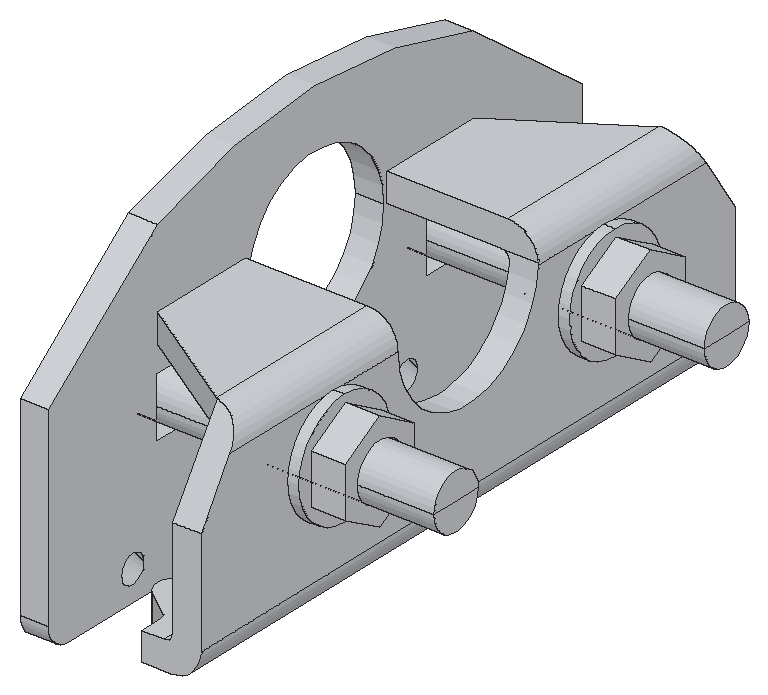
Revit family "Construction_Roof-Accessories_TRA-Snow-Sun_C21Z-clamp-On", category Specialty Equipment, host Face, Revit 2026
Family settings
  Host = Face
  Round Connector Dimension = Use Diameter
  Part Type = Normal
  Classification Number = 23.35.20.31.27.14
  Enable Cutting in Views = No
  Cut with Voids When Loaded = No
  Maintain Annotation Orientation = No
  Shared = No
  Room Calculation Point = No
Parameters (values of type "C21Z Clamp-on")
  z_One [instance] = not(z_Array)  # yes
  z_Number of Сlamps Real [instance] = rounddown(z_Length / z_Horizontal Spacing + 1)  # 1
  z_Number of Сlamps [instance] = if(z_Length / z_Horizontal Spacing + 1 < 2, 2, rounddown(z_Length / z_Horizontal Spacing + 1))  # 2
  z_Length [instance] = if(Overall Length < 0.00", 0.00", Overall Length)  # 0.00"
  z_Horizontal Spacing [instance] = if(Horizontal Spacing < 2.50", 2.50", Horizontal Spacing)  # 2.50"
  z_Array [instance] = if(z_Number of Сlamps Real < 2, 1 = 2, 1 = 1)  # no
  Width Min [instance] = 1.19"  # constant formula
  Width Max [instance] = 1.65"  # constant formula
  Width [instance] = if(Desired Width < Width Min, Width Min, if(Desired Width > Width Max, Width Max, Desired Width))  # 1.19"
  Desired Width [instance] = 1.19"
  Weight = 1.35 lbf  # constant formula
  Version = 1
  URL = "https://trasnowandsun.com/"
  Rib Height Min [instance] = 1.46"  # constant formula
  Rib Height Max [instance] = Height - 0.75"  # 1.63"
  Rib Height [instance] = if(Desired Rib Height < Rib Height Min, Rib Height Min, if(Desired Rib Height > Rib Height Max, Rib Height Max, Desired Rib Height))  # 1.46"
  Desired Rib Height [instance] = 1.46"
  Product data url = "https://bimobject.com/tra-snow-and-sun/product/C21Z-clamp-on"
  Product Page URL = "https://trasnowandsun.com/product/c21z-clamp-on/"
  Product Documentation Link = "https://trasnowandsun.com/wp-content/uploads/C21Z_Clamp-on_PDS.pdf"
  Overall Length Note [instance] = "To show a single Bracket in the Row, please set Overall Length less than Horizontal Spacing"  # constant formula
  Overall Length [instance] = 0.00"
  Number of Сlamps [instance] = if(Overall Length < Horizontal Spacing, 1, if(and(z_Length > z_Horizontal Spacing, z_Length < z_Horizontal Spacing * 2), 2, z_Number of Сlamps))  # 2
  Model = "C21Z Clamp-on"
  Material Type Selection [instance] = 1
  Material Type [instance] = if(or(Material Type Selection < 1, Material Type Selection > 3), "Please Select integer between 1-3", if(Material Type Selection = 1, "Zinc Coated Steel: 3/16” (ASTM A36)", if(Material Type Selection = 2, "Copper: 1/4” (ASTM B152)", if(Material Type Selection = 3, "Stainless Steel: 8ga. (ASTM A240)", "Zinc Coated Steel: 3/16” (ASTM A36)"))))  # "Zinc Coated Steel: 3/16” (ASTM A36)"
  Material Note [instance] = "Pure metal as well as powder color coatings are available. When you choose Pure Metal as a finish, please make sure you match the selected material under the Material Type Selection parameter."  # constant formula
  Manufacturer = "TRA Snow & Sun"
  Length = 4.38"  # constant formula
  Horizontal Spacing [instance] = 0.00"
  Height Min [instance] = 2.38"  # constant formula
  Height Max [instance] = 3.38"  # constant formula
  Height [instance] = if(Desired Height < Height Min, Height Min, if(Desired Height > Height Max, Height Max, Desired Height))  # 2.38"
  Desired Height [instance] = 2.38"
  Finish Material [instance] = TRA Snow & Sun - Finish - Zinc Plated Steel
  Description = "C21Z Clamp-on - Used on: Designed for new construction or retrofit standing seam metal roofs"  # constant formula
  Default Elevation = 48.00"
  Date Updated = ""
  Date Created = "2024/05/17"
Reference planes (in)
  plane 1 "Center (Front/Back)": y = 0
  plane 2: z = 0
  plane 3 "Center (Left/Right)": x = 0
  plane 4: x = 0
  plane 5: x = 2.5
Dimensions and locks (in)
  "Overall Length": plane 3 "Center (Left/Right)" to plane 4
  "z_Horizontal Spacing": plane 3 "Center (Left/Right)" to plane 5
  group 1 to group 2 = 2.50"
  group 1 to group 2 = 0.00"  (x2)
  aligned and locked: plane 2 to host face
  aligned and locked: level to host face
  aligned and locked: plane 3 "Center (Left/Right)" to nested 1
  aligned and locked: plane 1 "Center (Front/Back)" to nested 1
  aligned and locked: plane 5 to nested 2
  aligned and locked: plane 1 "Center (Front/Back)" to nested 2
  aligned and locked: plane 3 "Center (Left/Right)" to nested 3
Automatic sketch dimensions
  host sketch curve to host sketch curve = 62.6937"
  host sketch curve to host sketch curve = 44.37053"
Nested families (in)
  nested 1: "C21Z Clamp-on" at (0, 0, 0), visible <- "z_Array", Height <- "Height", Rib Height <- "Rib Height", Width <- "Width", type "C21Z Clamp-on"
    with Width 1.19", Rib Height 1.46", RB for Void 0.20", Offset 0.10", Height 2.38", Bolt no
  nested 2: "C21Z Clamp-on" at (2.5, 0, 0), visible <- "z_Array", Height <- "Height", Rib Height <- "Rib Height", Width <- "Width", type "C21Z Clamp-on"
    with Width 1.19", Rib Height 1.46", RB for Void 0.20", Offset 0.10", Height 2.38", Bolt no
  nested 3: "C21Z Clamp-on" at (0, 0, 0), visible <- "z_One", Height <- "Height", Rib Height <- "Rib Height", Width <- "Width", type "C21Z Clamp-on"
    with Width 1.19", Rib Height 1.46", RB for Void 0.20", Offset 0.10", Height 2.38", Bolt no
Definition of nested family "C21Z Clamp-on"
  Parameters (values of type "C21Z Clamp-on")
    Width [instance] = 1.19"
    Rib Height [instance] = 1.45"
    RB for Void [instance] = 0.20"  # constant formula
    Offset [instance] = if(Width > 1.19", 0.00", 0.10")  # 0.10"
    Length = 4.38"
    Height [instance] = 2.38"
    Finish Material = none
    Default Elevation = 48.00"
    Bolt [instance] = if(Width > 1.19", 1 = 1, 1 = 2)  # no
  Reference planes (in)
    plane 1 "Center (Front/Back)": y = 0
    plane 2: z = 0
    plane 3 "Center (Left/Right)": x = 0
    plane 4: x = -0.595
    plane 5: x = 0.595
    plane 6: y = 2.19
    plane 7: y = -2.19
    plane 8: z = 0.19213
    plane 9: z = 1.06394
    plane 10: z = 2.38
    plane 11: x = -0.408
    plane 12: x = 0.408
    plane 13: z = 1.06394
    plane 14: z = 0.2
    plane 15: z = 0.35
    plane 16: y = 0.75
    plane 17: y = 1.5
    plane 18: y = -0.75
    plane 19: y = -1.5
  Forms (in)
    Extrusion 1, solid
      sketch origin (0, 0, 0) x (1, 0, 0) y (0, 1, 0)
        loop
          line (-48, 48) -> (-48, -48) -> (48, -48) -> (48, 48) -> (-48, 48)
      from 0 to -12
    Extrusion 2, solid, material <- "Finish Material", detail levels medium+fine
      sketch origin (-0.595, 25.92102, 48) x (0, 1, 0) y (0, 0, 1)
        loop
          arc (-23.89102, -48) -> (-23.77788, -47.95314) -> (-23.73102, -47.84) r 0.16
          line (-23.73102, -47.84) -> (-23.73102, -46.56097) -> (-24.62636, -45.86146)
          arc (-24.62636, -45.86146) -> (-25.92102, -45.6163) -> (-27.21568, -45.86146) r 3.54111
          line (-27.21568, -45.86146) -> (-28.11102, -46.56097) -> (-28.11102, -47.83755)
          arc (-28.11102, -47.83755) -> (-28.06344, -47.95242) -> (-27.94857, -48) r 0.16245
          line (-27.94857, -48) -> (-23.89102, -48)
        loop
          circle (-25.92102, -46.55848) r 0.565
        loop
          line (-26.83167, -46.7373) -> (-27.22857, -46.7373) -> (-27.22857, -47.1373) -> (-26.83167, -47.1373) -> (-26.83167, -46.7373)
        loop
          line (-25.01191, -46.7373) -> (-25.01191, -47.1373) -> (-24.61347, -47.1373) -> (-24.61347, -46.7373) -> (-25.01191, -46.7373)
      from 0 to 0.187
    Extrusion 3, solid, material <- "Finish Material", detail levels medium+fine
      sketch origin (0.595, 0, 0) x (0, 0, 1) y (-1, 0, 0)
        loop
          line (0.17919, 1.003) -> (0.17919, 0.2)
          arc (0.17919, 0.2) -> (0.23777, 0.05858) -> (0.37919, 0) r 0.2
          line (0.37919, 0) -> (1.42919, 0)
          arc (1.42919, 0) -> (1.57061, 0.05858) -> (1.62919, 0.2) r 0.2
          line (1.62919, 0.2) -> (1.62919, 1.003) -> (1.44219, 1.003) -> (1.44219, 0.247)
          arc (1.44219, 0.247) -> (1.42461, 0.20457) -> (1.38219, 0.187) r 0.06
          line (1.38219, 0.187) -> (0.42354, 0.187)
          arc (0.42354, 0.187) -> (0.38298, 0.2038) -> (0.36619, 0.24435) r 0.05735
          line (0.36619, 0.24435) -> (0.36619, 1.003) -> (0.17919, 1.003)
      from -2.19 to 2.19
    Extrusion 4, void
      sketch origin (0.395, 0, 1.62919) x (0, -1, 0) y (-1, 0, 0)
        loop
          line (-2.19, 0.18974) -> (-2.03602, 0.18974)
          arc (-2.03602, 0.18974) -> (-2.00855, 0.1961) -> (-1.98667, 0.21389) r 0.0625
          line (-1.98667, 0.21389) -> (-1.8487, 0.39144)
          arc (-1.8487, 0.39144) -> (-1.75, 0.43974) -> (-1.6513, 0.39144) r 0.125
          line (-1.6513, 0.39144) -> (-1.51333, 0.21389)
          arc (-1.51333, 0.21389) -> (-1.49145, 0.1961) -> (-1.46398, 0.18974) r 0.0625
          line (-1.46398, 0.18974) -> (-0.78602, 0.18974)
          arc (-0.78602, 0.18974) -> (-0.75855, 0.1961) -> (-0.73667, 0.21389) r 0.0625
          line (-0.73667, 0.21389) -> (-0.5987, 0.39144)
          arc (-0.5987, 0.39144) -> (-0.5, 0.43974) -> (-0.4013, 0.39144) r 0.125
          line (-0.4013, 0.39144) -> (-0.26333, 0.21389)
          arc (-0.26333, 0.21389) -> (-0.24145, 0.1961) -> (-0.21398, 0.18974) r 0.0625
          line (-0.21398, 0.18974) -> (0.21398, 0.18974)
          arc (0.21398, 0.18974) -> (0.24145, 0.1961) -> (0.26333, 0.21389) r 0.0625
          line (0.26333, 0.21389) -> (0.4013, 0.39144)
          arc (0.4013, 0.39144) -> (0.5, 0.43974) -> (0.5987, 0.39144) r 0.125
          line (0.5987, 0.39144) -> (0.73667, 0.21389)
          arc (0.73667, 0.21389) -> (0.75855, 0.1961) -> (0.78602, 0.18974) r 0.0625
          line (0.78602, 0.18974) -> (1.46398, 0.18974)
          arc (1.46398, 0.18974) -> (1.49145, 0.1961) -> (1.51333, 0.21389) r 0.0625
          line (1.51333, 0.21389) -> (1.6513, 0.39144)
          arc (1.6513, 0.39144) -> (1.75, 0.43974) -> (1.8487, 0.39144) r 0.125
          line (1.8487, 0.39144) -> (1.98667, 0.21389)
          arc (1.98667, 0.21389) -> (2.00855, 0.1961) -> (2.03602, 0.18974) r 0.0625
          line (2.03602, 0.18974) -> (2.19, 0.18974) -> (2.19, 0.803) -> (-2.19, 0.803) -> (-2.19, 0.18974)
      from 0.96472 to 12
    Extrusion 5, void
      sketch origin (0.595, 0, 0.37919) x (0, 0, -1) y (0, -1, 0)
        loop
          arc (-1.06233, -0.58) -> (-0.48233, 0) -> (-1.06233, 0.58) r 0.58
          line (-1.06233, 0.58) -> (-1.31233, 0.58) -> (-1.31233, -0.58) -> (-1.06233, -0.58)
        loop
          line (-0.68425, -2.19) -> (-1.31233, -1.78212) -> (-1.31233, -2.19) -> (-0.68425, -2.19)
        loop
          line (-0.68425, 2.19) -> (-1.31233, 2.19) -> (-1.31233, 1.78212) -> (-0.68425, 2.19)
        loop
          circle (-0.68475, -1.11134) r 0.1875
        loop
          circle (-0.68475, 1.11134) r 0.1875
      from -1 to 1.003
    Extrusion 6, void
      sketch origin (0.395, 0, 1.62919) x (0, -1, 0) y (-1, 0, 0)
        loop
          line (1.29884, 0.803) -> (1.82287, -0.013) -> (2.19, -0.013) -> (2.19, 0.803) -> (1.29884, 0.803)
        loop
          line (-1.29884, 0.803) -> (-2.19, 0.803) -> (-2.19, -0.013) -> (-1.82287, -0.013) -> (-1.29884, 0.803)
      from -0.15567 to 0.4
    Revolve 7, solid, material <- "Finish Material", detail levels fine
      sketch origin (-0.595, -180, 1.06394) x (0, -1, 0) y (1, 0, 0)
        loop
          line (-181.11134, 2) -> (-181.29134, 2) -> (-181.29134, 0) -> (-181.48634, 0) -> (-181.48634, -0.03119)
          arc (-181.48634, -0.03119) -> (-181.31708, -0.15367) -> (-181.11134, -0.19) r 0.46652
          line (-181.11134, -0.19) -> (-181.11134, 2)
        axis (-181.11134, 2) -> (-181.11134, -0.19)
      angle from 0 to 360
    Revolve 8, solid, material <- "Finish Material", detail levels fine
      sketch origin (-0.595, 180, 1.06394) x (0, -1, 0) y (1, 0, 0)
        loop
          line (181.11134, 2) -> (181.11134, -0.19)
          arc (181.11134, -0.19) -> (181.31708, -0.15367) -> (181.48634, -0.03119) r 0.46652
          line (181.48634, -0.03119) -> (181.48634, 0) -> (181.29134, 0) -> (181.29134, 2) -> (181.11134, 2)
        axis (181.11134, 2) -> (181.11134, -0.19)
      angle from 0 to 360
    Extrusion 9, solid, material <- "Finish Material", detail levels fine
      sketch origin (0.595, 0, 0) x (0, 0, 1) y (0, -1, 0)
        loop
          circle (1.06394, -1.11134) r 0.375
        loop
          circle (1.06394, 1.11134) r 0.375
        loop
          circle (1.06394, -1.11134) r 0.1875
        loop
          circle (1.06394, 1.11134) r 0.1875
      from 0 to 0.08
    Extrusion 10, solid, material <- "Finish Material", detail levels fine
      sketch origin (0.675, 0, 0) x (0, 0, 1) y (0, -1, 0)
        loop
          line (1.22752, -0.828) -> (0.90035, -0.828) -> (0.73677, -1.11134) -> (0.90035, -1.39467) -> (1.22752, -1.39467) -> (1.3911, -1.11134) -> (1.22752, -0.828)
        loop
          line (1.22752, 0.828) -> (1.3911, 1.11134) -> (1.22752, 1.39467) -> (0.90035, 1.39467) -> (0.73677, 1.11134) -> (0.90035, 0.828) -> (1.22752, 0.828)
        loop
          circle (1.06394, -1.11134) r 0.1875
        loop
          circle (1.06394, 1.11134) r 0.1875
      from 0 to 0.23
    Extrusion 11, solid, material <- "Finish Material", detail levels coarse
      sketch origin (-0.595, 25.92102, 48) x (0, 1, 0) y (0, 0, 1)
        loop
          line (-23.73102, -45.62) -> (-28.11102, -45.62) -> (-28.11102, -48) -> (-23.73102, -48) -> (-23.73102, -45.62)
      from 0 to 0.187
    Extrusion 12, solid, material <- "Finish Material", detail levels coarse
      sketch origin (0.595, 0, 0) x (0, 0, 1) y (-1, 0, 0)
        loop
          line (1.62919, 0) -> (1.62919, 1.003) -> (1.44219, 1.003) -> (1.44219, 0.187) -> (0.36619, 0.187) -> (0.36619, 1.003) -> (0.17919, 1.003) -> (0.17919, 0) -> (1.62919, 0)
      from -2.19 to 2.19
    Blend 13, void
      base sketch origin (-0.595, 25.92102, 48) x (0, 1, 0) y (0, 0, 1)
        loop
          circle (-25.92102, -47.8) r 0.095
      top sketch origin (-0.595, 25.92102, 48) x (0, 1, 0) y (0, 0, 1)
        loop
          circle (-25.92102, -47.8) r 0.187
      from 0.187 to 0
    Blend 14, void
      base sketch origin (-0.595, 27.02427, 48.15) x (0, 1, 0) y (0, 0, 1)
        loop
          circle (-26.27427, -47.8) r 0.095
      top sketch origin (-0.595, 27.02427, 48.15) x (0, 1, 0) y (0, 0, 1)
        loop
          circle (-26.27427, -47.8) r 0.187
      from 0.187 to 0
    Blend 15, void
      base sketch origin (-0.595, -24.42102, 48) x (0, -1, 0) y (0, 0, -1)
        loop
          circle (-25.92102, 47.8) r 0.095
      top sketch origin (-0.595, -24.42102, 48) x (0, -1, 0) y (0, 0, -1)
        loop
          circle (-25.92102, 47.8) r 0.187
      from 0.187 to 0
    Blend 16, void
      base sketch origin (-0.595, -27.02427, 48.15) x (0, -1, 0) y (0, 0, -1)
        loop
          circle (-26.27427, 47.8) r 0.095
      top sketch origin (-0.595, -27.02427, 48.15) x (0, -1, 0) y (0, 0, -1)
        loop
          circle (-26.27427, 47.8) r 0.187
      from 0.187 to 0
    Blend 17, void
      base sketch origin (-0.595, 24.42102, 48) x (0, 1, 0) y (0, 0, 1)
        loop
          circle (-25.92102, -47.8) r 0.095
      top sketch origin (-0.595, 24.42102, 48) x (0, 1, 0) y (0, 0, 1)
        loop
          circle (-25.92102, -47.8) r 0.187
      from 0.187 to 0
  Cuts and joins
    Extrusion 4, Extrusion 6, Blend 13, Blend 14, Blend 15, Blend 16, Blend 17 cuts Extrusion 2
    Extrusion 4, Extrusion 5, Extrusion 6, Blend 13 cuts Extrusion 3
    Blend 13, Blend 14, Blend 15, Blend 16, Blend 17 cuts Extrusion 12
  Lines and regions (in)
    Masking region 1
      outline origin (0.595, 0, 2.38) x (0, -1, 0) y (1, 0, 0)
        loop
          line (-2.19, -1.19) -> (2.19, -1.19) -> (2.19, -1.003) -> (-2.19, -1.003) -> (-2.19, -1.19)
    Masking region 2, detail levels coarse
      outline origin (0.595, 0, 2.38) x (0, -1, 0) y (1, 0, 0)
        loop
          line (-2.19, 0) -> (-2.19, -1.003) -> (2.19, -1.003) -> (2.19, 0) -> (-2.19, 0)
    Masking region 3, detail levels fine
      outline origin (0.595, 0, 2.38) x (0, -1, 0) y (1, 0, 0)
        loop
          line (-1.48634, -1.19) -> (-1.48634, -1.22119)
          arc (-1.48634, -1.22119) -> (-1.11134, -1.38367) -> (-0.73634, -1.22119) r 0.51399
          line (-0.73634, -1.22119) -> (-0.73634, -1.19) -> (-1.48634, -1.19)
        loop
          line (1.48634, -1.19) -> (0.73634, -1.19) -> (0.73634, -1.22119)
          arc (0.73634, -1.22119) -> (1.11134, -1.38203) -> (1.48634, -1.22119) r 0.51757
          line (1.48634, -1.22119) -> (1.48634, -1.19)
        loop
          line (0.73634, 0) -> (1.48634, 0) -> (1.48634, 0.08) -> (1.39467, 0.08) -> (1.39467, 0.31) -> (0.828, 0.31) -> (0.828, 0.08) -> (0.73634, 0.08) -> (0.73634, 0)
        loop
          line (-1.48634, 0) -> (-0.73634, 0) -> (-0.73634, 0.08) -> (-0.828, 0.08) -> (-0.828, 0.31) -> (-1.39467, 0.31) -> (-1.39467, 0.08) -> (-1.48634, 0.08) -> (-1.48634, 0)
    Masking region 4, detail levels fine
      outline origin (0.595, 0, 2.38) x (0, -1, 0) y (1, 0, 0)
        loop
          line (-1.29884, 0.31) -> (-0.93134, 0.31) -> (-0.93134, 0.81) -> (-1.29884, 0.81) -> (-1.29884, 0.31)
        loop
          line (0.92384, 0.31) -> (1.29134, 0.31) -> (1.29134, 0.81) -> (0.92384, 0.81) -> (0.92384, 0.31)
    Masking region 5, visible <- "Bolt", detail levels fine
      outline origin (0, 0, 0) x (1, 0, 0) y (0, 1, 0)
        loop
          line (-0.308, 1.29884) -> (-0.408, 1.29884) -> (-0.408, 0.93134) -> (-0.308, 0.93134) -> (-0.308, 1.29884)
        loop
          line (-0.408, -0.92384) -> (-0.408, -1.29134) -> (-0.308, -1.29134) -> (-0.308, -0.92384) -> (-0.408, -0.92384)
    Masking region 6, detail levels medium+fine
      outline origin (0.395, 0, 1.62919) x (-1, 0, 0) y (0, -1, 0)
        loop
          line (-0.2, -2.19) -> (0.18974, -2.19) -> (0.18974, -2.03602)
          arc (0.18974, -2.03602) -> (0.1961, -2.00855) -> (0.21389, -1.98667) r 0.0625
          line (0.21389, -1.98667) -> (0.39144, -1.8487)
          arc (0.39144, -1.8487) -> (0.43974, -1.75) -> (0.39144, -1.6513) r 0.125
          line (0.39144, -1.6513) -> (0.32932, -1.60303) -> (0.803, -1.29884) -> (0.803, -0.58) -> (0.41078, -0.58)
          arc (0.41078, -0.58) -> (0.43901, -0.48654) -> (0.39144, -0.4013) r 0.125
          line (0.39144, -0.4013) -> (0.21389, -0.26333)
          arc (0.21389, -0.26333) -> (0.1961, -0.24145) -> (0.18974, -0.21398) r 0.0625
          line (0.18974, -0.21398) -> (0.18974, 0.21398)
          arc (0.18974, 0.21398) -> (0.1961, 0.24145) -> (0.21389, 0.26333) r 0.0625
          line (0.21389, 0.26333) -> (0.39144, 0.4013)
          arc (0.39144, 0.4013) -> (0.43901, 0.48654) -> (0.41078, 0.58) r 0.125
          line (0.41078, 0.58) -> (0.803, 0.58) -> (0.803, 1.29884) -> (0.32932, 1.60303) -> (0.39144, 1.6513)
          arc (0.39144, 1.6513) -> (0.43974, 1.75) -> (0.39144, 1.8487) r 0.125
          line (0.39144, 1.8487) -> (0.21389, 1.98667)
          arc (0.21389, 1.98667) -> (0.1961, 2.00855) -> (0.18974, 2.03602) r 0.0625
          line (0.18974, 2.03602) -> (0.18974, 2.19) -> (-0.2, 2.19) -> (-0.2, -2.19)
    reference lines
      curve 1: line (-0.595, 0, 0) -> (0.595, 0, 0)
      curve 2: line (0.595, 0, 0) -> (0.595, 0, 2.38)
    symbolic lines, detail levels medium+fine
      curve 3: line (-0.01578, -0.58, 2.38) -> (0.59462, -0.58, 2.38)
      curve 4: line (-0.01578, 0.58, 2.38) -> (0.59462, 0.58, 2.38)
      curve 5: line (0.595, -1.94296, 2.38) -> (-0.408, -1.29884, 2.38)
      curve 6: line (-0.408, 1.29884, 2.38) -> (0.595, 1.94296, 2.38)
    symbolic lines, detail levels fine
      curve 7: line (0.675, 0.73634, 2.38) -> (0.675, 1.48634, 2.38)
      curve 8: line (0.675, -1.48634, 2.38) -> (0.675, -0.73634, 2.38)
      curve 9: line (0.675, -1.11134, 2.38) -> (0.905, -1.11134, 2.38)
      curve 10: line (0.675, 1.11134, 2.38) -> (0.905, 1.11134, 2.38)
  Dimensions and locks (in)
    equal spacing: plane 4, plane 3 "Center (Left/Right)", plane 5
    equal spacing: plane 6, plane 1 "Center (Front/Back)", plane 7
    "Length": plane 6 to plane 7
    "Height": plane 10 to level
    plane 10 to Extrusion 2 sketch curve to Extrusion 2 sketch curve = 0.24146" locked, 0.69952" locked  (x2)
    locked: plane 10 to Extrusion 2 sketch curve at 0.93848
    plane 10 to plane 9 to plane 8 = 1.31606" locked, 0.8718" locked
    "Width": plane 4 to plane 5
    locked: plane 4 to plane 11 at 0.187
    plane 10 to Extrusion 3 sketch curve to Extrusion 3 sketch curve = 0.75081" locked, 0.187" locked
    locked: plane 12 to plane 5 at 0.187
    locked: plane 10 to Extrusion 5 sketch curve at 0.68848
    plane 10 to Extrusion 5 sketch curve to Extrusion 5 sketch curve = 0.93848" locked, 0.37758" locked
    locked: plane 10 to Extrusion 5 sketch curve at 1.31656  (x2)
    locked: plane 10 to plane 13 at 1.31606
    locked: Revolve 7 sketch curve to plane 4 at 0.19
    locked: plane 4 to Revolve 7 sketch curve at 2
    locked: Revolve 8 sketch curve to plane 4 at 0.19
    locked: plane 4 to Revolve 8 sketch curve at 2
    plane 10 to Extrusion 12 sketch curve to Extrusion 12 sketch curve = 0.75081" locked, 0.187" locked
    "Offset": Extrusion 12 to Masking region 5 sketch curve
    locked: Extrusion 3 sketch curve to Extrusion 3 sketch curve at 0.187
    "Rib Height": Extrusion 3 sketch curve to Extrusion 3 sketch curve
    Extrusion 2 sketch curve to plane 9 to Extrusion 2 sketch curve = 0.19876" locked, 0.20124" locked
    locked: Extrusion 2 sketch curve to level at 0.16
    locked: Extrusion 2 sketch curve to level at 0.16245
    locked: plane 15 to plane 14 at 0.15
    locked: plane 16 to plane 1 "Center (Front/Back)" at 0.75
    locked: plane 17 to plane 1 "Center (Front/Back)" at 1.5
    plane 1 "Center (Front/Back)" to plane 18 to plane 19 = 0.75" locked, 0.75" locked
    locked: Extrusion 12 sketch curve to Extrusion 12 sketch curve at 0.187
    "Rib Height": Extrusion 12 sketch curve to Extrusion 12 sketch curve
    "RB for Void": plane 14 to plane 2
    locked: Masking region 6 sketch curve to plane 5 at 0.52932  (x2)
    locked: plane 6 to Masking region 6 sketch curve at 0.58697
    locked: Masking region 6 sketch curve to plane 7 at 0.58697
    locked: Masking region 6 sketch curve to plane 5 at 0.51474  (x3)
    Masking region 6 sketch curve to plane 5 = 0.51474"
    aligned and locked: plane 2 to Extrusion 1
    aligned and locked: level to Extrusion 1
    aligned and locked: plane 4 to curve 1
    aligned and locked: plane 5 to curve 1
    aligned and locked: curve 1 to curve 2
    aligned and locked: plane 5 to curve 2
    aligned and locked: plane 11 to Extrusion 2
    aligned and locked: plane 6 to Extrusion 3
    aligned and locked: Extrusion 3 to plane 7
    aligned and locked: Extrusion 5 sketch curve to Extrusion 5 sketch curve  (x2)
    aligned and locked: plane 4 to Revolve 7 sketch curve
    aligned and locked: Revolve 8 sketch curve to plane 4
    aligned and locked: plane 13 to Extrusion 9 sketch curve  (x2)
    aligned and locked: plane 13 to Extrusion 10 sketch curve
    aligned and locked: Extrusion 11 sketch curve to plane 10
    aligned and locked: plane 11 to Extrusion 11
    aligned and locked: Extrusion 12 to plane 7
    aligned and locked: plane 6 to Extrusion 12
    aligned and locked: Masking region 1 sketch curve to Extrusion 11  (x4)
    aligned and locked: Masking region 2 sketch curve to Extrusion 12  (x4)
    aligned and locked: curve 5 to cut or joined group of Extrusion 3, Extrusion 4, Extrusion 5, Extrusion 6, Blend 13
    aligned and locked: curve 6 to cut or joined group of Extrusion 3, Extrusion 4, Extrusion 5, Extrusion 6, Blend 13
    aligned and locked: Extrusion 12 to curve 6
    aligned and locked: Extrusion 12 to curve 5
    aligned and locked: Masking region 3 sketch curve to Revolve 7
    aligned and locked: Masking region 3 sketch curve to Revolve 8
    aligned and locked: Extrusion 9 to Masking region 3 sketch curve  (x3)
    aligned and locked: Masking region 3 sketch curve to Extrusion 9
    aligned and locked: Masking region 3 sketch curve to Extrusion 10  (x5)
    aligned and locked: Extrusion 10 to Masking region 3 sketch curve
    aligned and locked: Extrusion 9 to curve 7
    aligned and locked: curve 8 to Extrusion 9
    aligned and locked: curve 9 to Extrusion 10
    aligned and locked: curve 10 to Extrusion 10
    aligned and locked: Masking region 5 sketch curve to plane 11
    aligned and locked: plane 11 to Masking region 5 sketch curve
    aligned and locked: Masking region 5 sketch curve to Masking region 5 sketch curve
    aligned and locked: Masking region 4 sketch curve to Revolve 7
    aligned and locked: Masking region 4 sketch curve to Revolve 8
    aligned and locked: Extrusion 2 sketch curve to Extrusion 2 sketch curve  (x2)
    aligned and locked: plane 14 to Blend 13 sketch curve  (x2)
    aligned and locked: plane 16 to Blend 14 sketch curve  (x2)
    aligned and locked: plane 15 to Blend 14 sketch curve  (x2)
    aligned and locked: plane 17 to Blend 15 sketch curve  (x2)
    aligned and locked: plane 14 to Blend 15 sketch curve  (x2)
    aligned and locked: plane 18 to Blend 16 sketch curve  (x2)
    aligned and locked: plane 15 to Blend 16 sketch curve  (x2)
    aligned and locked: plane 14 to Blend 17 sketch curve  (x2)
    aligned and locked: plane 19 to Blend 17 sketch curve  (x2)
    aligned and locked: Masking region 6 sketch curve to cut or joined group of Extrusion 3, Extrusion 4, Extrusion 5, Extrusion 6, Blend 13  (x4)
    aligned and locked: Masking region 6 sketch curve to cut or joined group of Extrusion 12, Blend 13, Blend 14, Blend 15, Blend 16, Blend 17
    aligned and locked: cut or joined group of Extrusion 3, Extrusion 4, Extrusion 5, Extrusion 6, Blend 13 to Masking region 6 sketch curve  (x2)
    aligned and locked: Masking region 6 to curve 4
    aligned and locked: curve 3 to Masking region 6
  Automatic sketch dimensions
    Extrusion 1 sketch curve to Extrusion 1 sketch curve = 96.00"  (x2)
    Extrusion 2 sketch curve to plane 7 = 0.00"
    Extrusion 2 sketch curve to level = 0.00"
    Extrusion 2 sketch curve to plane 1 "Center (Front/Back)" = 0.00"  (x2)
    Extrusion 2 sketch curve to plane 6 = 0.00"
    plane 19 to Extrusion 2 sketch curve = 0.19245"
    plane 19 to Extrusion 2 sketch curve = 0.20534"
    Extrusion 2 sketch curve to plane 18 = 0.16065"
    Extrusion 2 sketch curve to plane 16 = 0.15911"
    plane 17 to Extrusion 2 sketch curve = 0.19245"
    Extrusion 2 sketch curve to level = 1.15741"
    plane 1 "Center (Front/Back)" to curve 1 = 0.00"
    curve 2 to plane 10 = 0.00"
    Extrusion 3 to Extrusion 4 sketch curve = 0.00"
    Extrusion 4 sketch curve to Extrusion 3 = 0.00"  (x2)
    Extrusion 5 sketch curve to Extrusion 3 = 0.00"  (x2)
    Extrusion 3 to Extrusion 5 sketch curve = 0.36525"
    Extrusion 5 sketch curve to Extrusion 5 sketch curve = 0.40788"  (x2)
    Extrusion 5 sketch curve to Extrusion 5 sketch curve = 0.67078"
    Extrusion 5 sketch curve to Extrusion 5 sketch curve = 0.53134"  (x2)
    Extrusion 5 sketch curve to Extrusion 5 sketch curve = 0.58"
    Extrusion 6 sketch curve to Extrusion 3 = 0.00"  (x3)
    Extrusion 3 to Extrusion 6 sketch curve = 0.00"
    Extrusion 6 sketch curve to Extrusion 3 = 0.013"  (x2)
    Extrusion 3 to Extrusion 6 sketch curve = 0.36713"  (x2)
    Extrusion 3 to Extrusion 6 sketch curve = 0.89116"  (x2)
    Revolve 7 sketch curve to plane 5 = 0.00"
    plane 17 to Revolve 7 sketch curve = 0.01366"
    Revolve 7 sketch curve to Revolve 7 sketch curve = 0.195"
    plane 11 to Revolve 7 sketch curve = 0.08892"
    Revolve 7 sketch curve to Revolve 7 sketch curve = 0.15618"
    Revolve 7 sketch curve to Revolve 7 sketch curve = 0.18"
    Revolve 7 sketch curve to Revolve 7 sketch curve = 0.00"
    Revolve 7 sketch curve to Revolve 7 sketch curve = 0.24405"
    Revolve 8 sketch curve to plane 5 = 0.00"
    Revolve 8 sketch curve to plane 18 = 0.36134"
    plane 11 to Revolve 8 sketch curve = 0.08892"
    plane 19 to Revolve 8 sketch curve = 0.36485"
    Revolve 8 sketch curve to Revolve 8 sketch curve = 0.18"
    plane 19 to Revolve 8 sketch curve = 0.01366"
    Revolve 8 sketch curve to Revolve 8 sketch curve = 0.00"
    Revolve 8 sketch curve to Revolve 8 sketch curve = 0.24405"
    Extrusion 9 sketch curve to Extrusion 9 sketch curve = 0.00"  (x4)
    Extrusion 9 sketch curve to curve 2 = 1.11134"
    curve 2 to Extrusion 9 sketch curve = 1.11134"
    Extrusion 10 sketch curve to Extrusion 10 sketch curve = 0.16358"  (x10)
    Extrusion 10 sketch curve to Extrusion 10 sketch curve = 0.32717"  (x2)
    Extrusion 10 sketch curve to Extrusion 10 sketch curve = 0.00"  (x3)
    Extrusion 10 sketch curve to Extrusion 10 sketch curve = 0.28334"  (x5)
    Extrusion 10 sketch curve to Extrusion 10 sketch curve = 1.65601"
    Extrusion 11 sketch curve to plane 7 = 0.00"
    Extrusion 11 sketch curve to level = 0.00"
    Extrusion 11 sketch curve to plane 6 = 0.00"
    Masking region 3 sketch curve to plane 5 = 0.00"
    plane 17 to Masking region 3 sketch curve = 0.01366"  (x2)
    plane 11 to Masking region 3 sketch curve = 0.13332"
    Masking region 3 sketch curve to plane 16 = 0.36134"
    plane 16 to Masking region 3 sketch curve = 0.01366"  (x2)
    plane 18 to Masking region 3 sketch curve = 0.01366"  (x2)
    plane 11 to Masking region 3 sketch curve = 0.13853"
    Masking region 3 sketch curve to plane 18 = 0.36134"
    plane 19 to Masking region 3 sketch curve = 0.01366"  (x2)
    Masking region 3 sketch curve to plane 4 = 0.03119"  (x2)
    Masking region 3 sketch curve to Masking region 3 sketch curve = 0.08"
    plane 17 to Masking region 4 sketch curve = 0.20116"
    Masking region 4 sketch curve to plane 16 = 0.18134"
    Masking region 4 sketch curve to plane 18 = 0.17384"
    plane 19 to Masking region 4 sketch curve = 0.20866"
    plane 5 to Masking region 4 sketch curve = 0.31"  (x2)
    Extrusion 2 to Blend 13 sketch curve = 0.90911"  (x2)
    Extrusion 3 to Extrusion 4 sketch curve = 0.18974"  (x2)
    Extrusion 3 to Extrusion 4 sketch curve = 0.15398"
    Extrusion 4 sketch curve to Extrusion 4 sketch curve = 0.0625"  (x4)
    Extrusion 4 sketch curve to Extrusion 4 sketch curve = 0.04935"  (x7)
    Extrusion 4 sketch curve to Extrusion 4 sketch curve = 0.13796"  (x7)
    Extrusion 4 sketch curve to Extrusion 4 sketch curve = 0.17755"  (x3)
    Extrusion 4 sketch curve to Extrusion 4 sketch curve = 0.0987"  (x8)
    Extrusion 4 sketch curve to Extrusion 4 sketch curve = 0.0767"  (x4)
    Extrusion 4 sketch curve to Extrusion 4 sketch curve = 0.03835"  (x4)
    Extrusion 4 sketch curve to Extrusion 4 sketch curve = 0.67797"  (x2)
    Extrusion 3 to Extrusion 4 sketch curve = 0.39144"  (x2)
    Extrusion 3 to Extrusion 4 sketch curve = 0.21389"  (x2)
    Extrusion 4 sketch curve to Extrusion 4 sketch curve = 0.42797"
    Extrusion 3 to Extrusion 4 sketch curve = 0.20333"
    Extrusion 4 sketch curve to Extrusion 4 sketch curve = 0.02415"
    curve 6 to plane 5 = 0.00"
    curve 5 to plane 5 = 0.00"
    plane 17 to curve 7 = 0.01366"
    plane 16 to curve 7 = 0.01366"
    curve 3 to plane 5 = 0.00038"
    plane 18 to curve 8 = 0.01366"
    plane 19 to curve 8 = 0.01366"
    curve 4 to plane 3 "Center (Left/Right)" = 0.01578"
    curve 3 to plane 3 "Center (Left/Right)" = 0.01578"
    curve 4 to plane 5 = 0.00038"
    curve 10 to curve 10 = 0.23"
    curve 9 to curve 9 = 0.23"
    Extrusion 3 to Masking region 6 sketch curve = 0.18974"  (x3)
    Masking region 6 sketch curve to Masking region 6 sketch curve = 0.02415"  (x4)
    Masking region 6 sketch curve to Masking region 6 sketch curve = 0.03835"  (x3)
    Masking region 6 sketch curve to Masking region 6 sketch curve = 0.0625"
    Masking region 6 sketch curve to Masking region 6 sketch curve = 0.10085"
    Masking region 6 sketch curve to Masking region 6 sketch curve = 0.0767"  (x4)
    Masking region 6 sketch curve to Masking region 6 sketch curve = 0.06211"  (x2)
    Masking region 6 sketch curve to Masking region 6 sketch curve = 0.09605"  (x2)
    Extrusion 3 to Masking region 6 sketch curve = 0.15398"
    Masking region 6 sketch curve to Masking region 6 sketch curve = 0.13796"  (x2)
    Masking region 6 sketch curve to Masking region 6 sketch curve = 0.0987"  (x2)
    Masking region 6 sketch curve to Masking region 6 sketch curve = 0.35246"
    Masking region 6 sketch curve to Masking region 6 sketch curve = 0.08"
    Masking region 6 sketch curve to Masking region 6 sketch curve = 0.36602"
    Masking region 6 sketch curve to Masking region 6 sketch curve = 0.1787"
    Masking region 6 sketch curve to Masking region 6 sketch curve = 0.30419"
    Masking region 6 sketch curve to Masking region 6 sketch curve = 0.04826"
    Extrusion 3 to Masking region 6 sketch curve = 0.20333"
    Extrusion 3 sketch curve to curve 2 = 0.00"
    Extrusion 3 sketch curve to Extrusion 3 sketch curve = 0.013"  (x2)
    Extrusion 3 sketch curve to Extrusion 3 sketch curve = 0.05735"
    Extrusion 3 sketch curve to Extrusion 3 sketch curve = 0.06"
    Extrusion 3 sketch curve to Extrusion 3 sketch curve = 0.047"
    Extrusion 3 sketch curve to Extrusion 3 sketch curve = 0.756"
    curve 2 to Extrusion 3 sketch curve = 1.003"
    Extrusion 12 sketch curve to curve 2 = 0.00"
    Extrusion 12 sketch curve to curve 2 = 0.187"
    Extrusion 12 sketch curve to Extrusion 12 sketch curve = 0.816"
    curve 2 to Extrusion 12 sketch curve = 1.003"
    plane 19 to Masking region 5 sketch curve = 0.20866"
    Masking region 5 sketch curve to plane 18 = 0.17384"
    Masking region 5 sketch curve to plane 16 = 0.18134"
    plane 17 to Masking region 5 sketch curve = 0.20116"
    radius of Extrusion 2 sketch curve = 0.565"
    radius of Extrusion 5 sketch curve = 0.1875"  (x2)
    radius of Extrusion 9 sketch curve = 0.375"  (x2)
    radius of Extrusion 9 sketch curve = 0.1875"  (x2)
    radius of Extrusion 10 sketch curve to Extrusion 9 = 0.00"
    radius of Extrusion 10 sketch curve = 0.1875"
    radius of Blend 13 sketch curve = 0.095"
    radius of Blend 13 sketch curve = 0.187"
    radius of Blend 14 sketch curve = 0.095"
    radius of Blend 14 sketch curve = 0.187"
    radius of Blend 15 sketch curve = 0.095"
    radius of Blend 15 sketch curve = 0.187"
    radius of Blend 16 sketch curve = 0.095"
    radius of Blend 16 sketch curve = 0.187"
    radius of Blend 17 sketch curve = 0.095"
    radius of Blend 17 sketch curve = 0.187"
